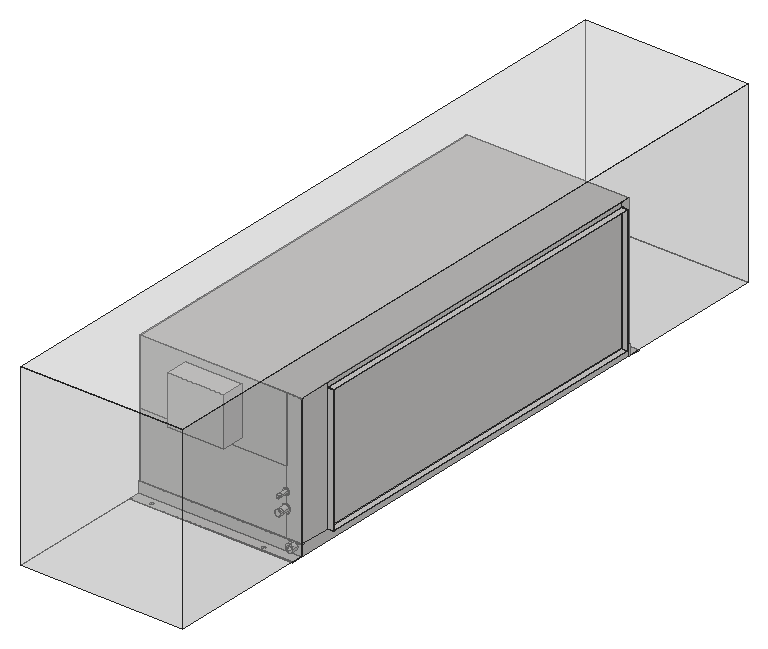
Revit family "outputfile", category 機械設備, Revit 2024
Family settings
  丸型コネクタ寸法 = 半径を使用
  パーツ タイプ = 標準
  OmniClass 番号 = 23.75.10.24.21.27.27
  OmniClass タイトル = Split System Air Conditioning Units
  作業面ベース = いいえ
  常に垂直 = はい
  ロード時にボイドで切り取り = いいえ
  注釈の向きを維持 = いいえ
  共有 = いいえ
  部屋計算ポイント = はい
Parameters (values of type "FDR450QY14")
  Description = ""
  書き出し IFC クラス(タイプ) = "IfcUnitaryEquipmentType"
  定義済み IFC タイプ(タイプ) = "AIRCONDITIONINGUNIT"
  Cost = 0
  Type Comments = ""
  Keynote = ""
  Type Image = (empty or 0)
  Assembly Code = ""
  angle_Drain Pipe [instance] = if(Rear Connection_drainpipe, -90.00°, 90.00°)  # 90.00°
  製造元 = "Daikin"
  モデル = "FDR450QY14"
  w2 = if(Depth = 2195.0 mm, 0.0 mm, if(Depth = 1980.0 mm, 0.0 mm, 352.0 mm))  # 0.0 mm
  w1 = if(Depth = 2195.0 mm, 0.0 mm, if(Depth = 1980.0 mm, 1.0 mm, 20.0 mm))  # 0.0 mm
  switch_frequency = yes
  r_Liquid Pipe Size = Liquid Pipe Size / 2  # 7.95 mm
  r_Gas Pipe Size = Gas Pipe Size / 2  # 14.3 mm
  r_Drain Pipe Size = Drain Pipe Size / 2  # 12.7 mm
  r_D = if(Depth = 2195.0 mm, 41.5 mm, if(Depth = 1980.0 mm, 41.5 mm, 34.5 mm))  # 41.5 mm
  lw_power = if(Depth = 2195.0 mm, Width / 2 - 249.0 mm, if(Depth = 1980.0 mm, Width / 2 - 128.0 mm, Width / 2 - 138.0 mm))  # 186.0 mm
  lw_mountinghole = if(Depth = 2195.0 mm, 100.0 mm, if(Depth = 1980.0 mm, 100.0 mm, if(Depth = 1330.0 mm, 59.0 mm, 59.0 mm)))  # 100.0 mm
  lh_SA = if(Depth = 2195.0 mm, 263.0 mm + SA Duct Size Height / 2, if(Depth = 1980.0 mm, 257.0 mm + SA Duct Size Height / 2, 156.0 mm + SA Duct Size Height / 2))  # 436.5 mm
  ld_SA = if(Depth = 2195.0 mm, 570.0 mm + SA Duct Size Width / 2, if(Depth = 1980.0 mm, 479.0 mm + SA Duct Size Width / 2, 128.0 mm + SA Duct Size Width / 2))  # 1092.5 mm
  ld_RA = if(Depth = 2195.0 mm, 171.0 mm + RA Duct Size Width / 2, if(Depth = 1980.0 mm, 169.0 mm + RA Duct Size Width / 2, 128.0 mm + RA Duct Size Width / 2))  # 1158.0 mm
  lh_power = if(Depth = 2195.0 mm, 490.0 mm, if(Depth = 1980.0 mm, 300.0 mm, 200.0 mm))  # 490.0 mm
  lh_RA = if(Depth = 2195.0 mm, 60.0 mm + RA Duct Size Height / 2, if(Depth = 1980.0 mm, 61.0 mm + RA Duct Size Height / 2, 156.0 mm + RA Duct Size Height / 2))  # 399.5 mm
  ld_power = if(Depth = 2195.0 mm, 75.8 mm, if(Depth = 1980.0 mm, 70.0 mm, 76.6 mm))  # 75.8 mm
  l_SA = if(Depth = 2195.0 mm, 36.0 mm, if(Depth = 1980.0 mm, 35.0 mm, 39.0 mm))  # 36.0 mm
  l_RA = if(Depth = 2195.0 mm, 36.0 mm, if(Depth = 1980.0 mm, 35.0 mm, 39.0 mm))  # 36.0 mm
  d = if(Depth = 1330.0 mm, 20.0 mm, 0.0 mm)  # 0.0 mm
  connector_voltage = Voltage_50Hz  # 400 V
  connector_powerinput = [Power Input (Cooling)]  # 21.220 kW
  connector_phase = Phase_50Hz  # 3
  Voltage_comment_50Hz = "380 - 415"
  Voltage_50Hz = 400 V
  URL = ""
  Supply Air Direction [instance] = yes
  Sound Power Level_H speed (dB) = 0
  Rear Connection_drainpipe [instance] = not(Front Connection_drainpipe)  # no
  Phase_50Hz = 3
  Minimum External Static Pressure = 0.00 Pa
  Minimum Circuit Amps_50Hz = 6.1 A
  Maximum Fuse Amps_50Hz = 16.0 A
  Maximum External Static Pressure = 150.00 Pa
  Material_Casing = DAIKIN_GalvanizedSteel_Casing_indoorunit
  lw_mountinghole_pitch = if(Depth = 2195.0 mm, 600.0 mm, if(Depth = 1980.0 mm, 600.0 mm, if(Depth = 1330.0 mm, 732.0 mm, 732.0 mm)))  # 600.0 mm
  lh_gaspipe = if(Depth = 2195.0 mm, 205.0 mm, if(Depth = 1980.0 mm, 205.0 mm, 187.0 mm))  # 205.0 mm
  lh_mountinghole = if(Depth = 2195.0 mm, 0.0 mm, if(Depth = 1980.0 mm, 0.0 mm, if(Depth = 1330.0 mm, 495.0 mm, 495.0 mm)))  # 0.0 mm
  lh_liquidpipe = if(Depth = 2195.0 mm, 285.0 mm, if(Depth = 1980.0 mm, 285.0 mm, 187.0 mm))  # 285.0 mm
  lh_drainpipe = if(Depth = 2195.0 mm, 38.0 mm, if(Depth = 1980.0 mm, 38.0 mm, 32.0 mm))  # 38.0 mm
  l_antena = Height - lh_mountinghole + 1.0 mm  # 761.0 mm
  ld_drainpipe = if(Depth = 2195.0 mm, Depth / 2 + 29.0 mm, if(Depth = 1980.0 mm, Depth / 2 + 29.0 mm, Depth / 2 + 9.0 mm))  # 1126.5 mm
  ld_liquidpipe = if(Depth = 2195.0 mm, Depth / 2 + 55.0 mm, if(Depth = 1980.0 mm, Depth / 2 + 55.0 mm, Depth / 2 + 60.0 mm))  # 1152.5 mm
  ld_gaspipe = if(Depth = 2195.0 mm, Depth / 2 + 55.0 mm, if(Depth = 1980.0 mm, Depth / 2 + 55.0 mm, Depth / 2 + 58.0 mm))  # 1152.5 mm
  ld_mountinghole_pitch = if(Depth = 2195.0 mm, 2280.0 mm, if(Depth = 1980.0 mm, 2070.0 mm, 1386.0 mm))  # 2280.0 mm
  h*** = 0.0 mm  # constant formula
  lw_liquidpipe = if(Depth = 2195.0 mm, 83.0 mm, if(Depth = 1980.0 mm, 87.0 mm, 126.0 mm))  # 83.0 mm
  lw_gaspipe = if(Depth = 2195.0 mm, 83.0 mm, if(Depth = 1980.0 mm, 87.0 mm, 47.0 mm))  # 83.0 mm
  lw_drainpipe = if(Depth = 2195.0 mm, 43.0 mm, if(Depth = 1980.0 mm, 45.0 mm, 46.0 mm))  # 43.0 mm
  Width = 870.0 mm
  Version = "ver.1.0"
  Unit Type = "Duct"
  Unit Mass Weight = 204.00 kg
  Unit Designation [instance] = ""
  Uniclass2015Version = "Products v1.30"
  Uniclass2015Title = "Split coil room air conditioning units"
  Uniclass2015Code = "Pr_70_65_03_86"
  Total Cooling Capacity [instance] = 0.000 kW
  Sound Pressure Level_M speed (dBA) = 0
  Sound Pressure Level_L speed (dBA) = 0
  Sound Pressure Level_H speed (dBA) = 60
  Series = "Package Aircon_Fan Coil Unit"
  Sensible Cooling Capacity [instance] = 0.000 kW
  SA Duct Size Width = 1045.0 mm
  SA Duct Size Height = 347.0 mm
  Refrigerant Type = "R410A"
  RA Duct Size Width = 1974.0 mm
  RA Duct Size Height = 679.0 mm
  Power Input (Cooling) = 21.220 kW
  Option Accessory 3 [instance] = ""
  Option Accessory 2 [instance] = ""
  Option Accessory 1 [instance] = ""
  Nominal Cooling Capacity = 52.000 kW
  Minimum Airflow = 0.00 m³/h
  Median Airflow = 0.00 m³/h
  Maximum Airflow = 9960.00 m³/h
  Load Classification = HVAC
  Liquid Pipe Size = 15.9 mm
  Link_Nested Family [instance] = ""
  Front Connection_drainpipe [instance] = yes
  IfcVersion = ""
  IfcExportType = "AIRCONDITIONINGUNIT"
  IfcExportAs = "IfcUnitaryEquipmentType"
  Height = 760.0 mm
  Heat Exchanger Type = "Cross Fin Coil"
  Gas Pipe Size = 28.6 mm
  Frequency_50Hz = 50 Hz
  Fan Type = "Sirocco Fan"
  Fan Drive = "-"
  FCU Tag No. [instance] = ""
  Drain Pipe Size = 25.4 mm
  Design Supply Airflow [instance] = 0.00 m³/h
  Design Return Airflow [instance] = 0.00 m³/h
  Design External Static Pressure [instance] = 0.00 Pa
  Depth = 2195.0 mm
  既定の高さ = 0.0 mm
  Cooling Entering Wet Bulb Temperature [instance] = 0.00 °C
  Cooling Entering Dry Bulb Temperature [instance] = 0.00 °C
  Cooling Ambient Wet Bulb Temperature [instance] = 0.00 °C
  Cooling Ambient Dry Bulb Temperature [instance] = 0.00 °C
  Clearance visibility [instance] = yes
  Clearance Top = 200.0 mm
  Clearance Right = 0.0 mm
  Clearance Rear = 800.0 mm
  Clearance Left = 0.0 mm
  Clearance Front = 800.0 mm
  Clearance Bottom = 0.0 mm
  A = if(Depth = 2195.0 mm, 60.0 mm, if(Depth = 1980.0 mm, 61.0 mm, 63.0 mm))  # 60.0 mm
  300-500 = not([200/250])  # yes
  200/250 = Depth = 1330.0 mm  # no
Reference planes
  plane 1 "Center (Front/Back)": y = 0
  plane 2 "h": z = 0
  plane 3 "Center (Left/Right)": x = 0
  plane 4 "Back": y = 1097.5
  plane 5 "Front": y = -1097.5
  plane 6 "Left": x = -435
  plane 7 "Right": x = 435
  plane 8 "Top": z = 0
  plane 9 "Bottom": z = -760
  plane 10: y = 1897.5
  plane 11: y = -1897.5
  plane 12: x = -435
  plane 13: x = 435
  plane 14: z = 200
  plane 15: z = -760
  plane 16 "ld_RA": y = 60.5
  plane 17 "lh_RA": z = -360.5
  plane 18 "ld_gaspipe": y = -1152.5
  plane 19 "ld_drainpipe": y = -1126.5
  plane 20 "lw_drainpipe": x = 392
  plane 21 "lw_liquidpipe": x = 352
  plane 22 "lw_gaspipe": x = 352
  plane 23 "lw_mountinghole": x = -335
  plane 24 "lw_mountinghole1": x = 265
  plane 25 "ld_mountinghole": y = -1140
  plane 26 "ld_mountinghole1": y = 1140
  plane 27 "lh_mountinghole": z = -760
  plane 28 "lh_SA": z = -323.5
  plane 29 "ld_liquidpipe": y = -1152.5
  plane 30 "ld_power": y = -1173.3
  plane 31 "ld_drainpipe1": y = 1126.5
  plane 32 "ld_SA": y = -5
  plane 33 "A": z = -700
  plane 34: y = 1097.5
  plane 35: y = -1097.5
  plane 36: x = -435
  plane 37: x = 435
  plane 38: z = -722
  plane 39: z = -722
Forms (mm)
  Extrusion 1, solid, material "DAIKIN_GalvanizedSteel_Casing_indoorunit" <- "Material_Casing"
    sketch origin (0, 0, -760) x (-1, 0, 0) y (0, -1, 0)
      loop
        line (434, -1097.5) -> (434, 1097.5) -> (-435, 1097.5) -> (-435, -1097.5) -> (434, -1097.5)
    from 760 to 60
  Extrusion 2, solid, material "DAIKIN_GalvanizedSteel_Casing_indoorunit" <- "Material_Casing"
    sketch origin (0, 0, -760) x (-1, 0, 0) y (0, -1, 0)
      loop
        line (435, -1097.5) -> (435, 1097.5) -> (-435, 1097.5) -> (-435, -1097.5) -> (435, -1097.5)
    from 0 to 60
  Extrusion 3, solid, material "DAIKIN_GalvanizedSteel_Casing_indoorunit" <- "Material_Casing", visible <- "200/250"
    sketch origin (0, 0, 0) x (1, 0, 0) y (0, 0, 1)
      loop
        line (94.8, -700) -> (94.8, -760) -> (429.6, -760) -> (429.6, -700) -> (94.8, -700)
    from -1097.5 to 1097.5
  Extrusion 4, solid, material "DAIKIN_GalvanizedSteel_Casing_indoorunit" <- "Material_Casing", visible <- "Front Connection_drainpipe"
    sketch origin (435, -1097.5, -760) x (-1, 0, 0) y (0, 0, -1)
      loop
        circle (43, -38) r 20.75
      loop
        circle (43, -38) r 12.7
    from 0 to 29
  Extrusion 5, solid, material "DAIKIN_GalvanizedSteel_Casing_indoorunit" <- "Material_Casing", visible <- "Rear Connection_drainpipe"
    sketch origin (-435, 1097.5, -760) x (1, 0, 0) y (0, 0, -1)
      loop
        circle (827, -38) r 20.75
      loop
        circle (827, -38) r 12.7
    from 0 to 29
Dimensions and locks
  "Height": plane 8 "Top" to plane 9 "Bottom"
  equal spacing: plane 4 "Back", plane 1 "Center (Front/Back)", plane 5 "Front"
  "Depth": plane 4 "Back" to plane 5 "Front"
  equal spacing: plane 6 "Left", plane 3 "Center (Left/Right)", plane 7 "Right"
  "Width": plane 6 "Left" to plane 7 "Right"
  "Clearance Left": plane 12 to plane 6 "Left"
  "Clearance Right": plane 7 "Right" to plane 13
  "Clearance Rear": plane 10 to plane 4 "Back"
  "Clearance Front": plane 5 "Front" to plane 11
  "Clearance Top": plane 14 to plane 8 "Top"
  "Clearance Bottom": plane 9 "Bottom" to plane 15
  "ld_RA": plane 16 "ld_RA" to plane 5 "Front"
  "lh_RA": plane 17 "lh_RA" to plane 9 "Bottom"
  "lw_drainpipe": plane 20 "lw_drainpipe" to plane 7 "Right"
  "lw_liquidpipe": plane 21 "lw_liquidpipe" to plane 7 "Right"
  "lw_gaspipe": plane 22 "lw_gaspipe" to plane 7 "Right"
  "lw_mountinghole_pitch": plane 23 "lw_mountinghole" to plane 24 "lw_mountinghole1"
  equal spacing: plane 25 "ld_mountinghole", plane 1 "Center (Front/Back)", plane 26 "ld_mountinghole1"
  "ld_mountinghole_pitch": plane 26 "ld_mountinghole1" to plane 25 "ld_mountinghole"
  "lh_mountinghole": plane 27 "lh_mountinghole" to plane 9 "Bottom"
  "lh_SA": plane 28 "lh_SA" to plane 9 "Bottom"
  "h***": plane 8 "Top" to plane 2 "h"
  "lw_mountinghole": plane 6 "Left" to plane 23 "lw_mountinghole"
  "ld_drainpipe": plane 31 "ld_drainpipe1" to plane 1 "Center (Front/Back)"
  "ld_drainpipe": plane 1 "Center (Front/Back)" to plane 19 "ld_drainpipe"
  "ld_power": plane 5 "Front" to plane 30 "ld_power"
  "ld_liquidpipe": plane 29 "ld_liquidpipe" to plane 1 "Center (Front/Back)"
  "ld_gaspipe": plane 18 "ld_gaspipe" to plane 1 "Center (Front/Back)"
  "ld_SA": plane 32 "ld_SA" to plane 5 "Front"
  "A": plane 33 "A" to plane 9 "Bottom"
  "w1": plane 6 "Left" to plane 36
  "d": plane 4 "Back" to plane 34
  "d": plane 35 to plane 5 "Front"
  "w2": plane 37 to plane 7 "Right"
  locked: plane 6 "Left" to Extrusion 1 sketch curve at 1
  locked: Extrusion 3 sketch curve to Extrusion 3 sketch curve at 334.8
  locked: Extrusion 3 sketch curve to plane 7 "Right" at 5.4
  "lh_drainpipe": plane 38 to plane 9 "Bottom"
  "lh_drainpipe": plane 39 to plane 9 "Bottom"
  "r_D": diameter of Extrusion 4 sketch curve
  "Drain Pipe Size": diameter of Extrusion 4 sketch curve
  "Drain Pipe Size": diameter of Extrusion 5 sketch curve
  "r_D": diameter of Extrusion 5 sketch curve
  aligned and locked: level to plane 2 "h"
  aligned and locked: nested 4 to plane 11
  aligned and locked: nested 4 to plane 12  (x2)
  aligned and locked: nested 4 to plane 13
  aligned and locked: plane 10 to nested 4
  aligned and locked: plane 14 to nested 4
  aligned and locked: plane 15 to nested 4
  aligned and locked: nested 2 to plane 21 "lw_liquidpipe"
  aligned and locked: nested 1 to plane 22 "lw_gaspipe"
  aligned and locked: nested 1 to plane 18 "ld_gaspipe"
  aligned and locked: plane 23 "lw_mountinghole" to nested 6
  aligned and locked: nested 6 to plane 26 "ld_mountinghole1"
  aligned and locked: plane 24 "lw_mountinghole1" to nested 5
  aligned and locked: nested 5 to plane 26 "ld_mountinghole1"
  aligned and locked: plane 24 "lw_mountinghole1" to nested 8
  aligned and locked: plane 25 "ld_mountinghole" to nested 8
  aligned and locked: plane 25 "ld_mountinghole" to nested 7
  aligned and locked: plane 23 "lw_mountinghole" to nested 7
  aligned and locked: nested 2 to plane 29 "ld_liquidpipe"
  aligned and locked: plane 28 "lh_SA" to nested 9
  aligned and locked: nested 3 to plane 3 "Center (Left/Right)"
  aligned and locked: plane 1 "Center (Front/Back)" to nested 3
  aligned and locked: nested 11 to plane 3 "Center (Left/Right)"
  aligned and locked: nested 11 to plane 30 "ld_power"
  aligned and locked: nested 9 to plane 6 "Left"
  aligned and locked: nested 9 to plane 32 "ld_SA"
  aligned and locked: plane 7 "Right" to nested 10
  aligned and locked: plane 16 "ld_RA" to nested 10
  aligned and locked: plane 7 "Right" to nested 12
  aligned and locked: nested 12 to plane 1 "Center (Front/Back)"
  aligned and locked: plane 1 "Center (Front/Back)" to nested 13
  aligned and locked: nested 13 to plane 6 "Left"
  aligned and locked: plane 9 "Bottom" to nested 13
  aligned and locked: Extrusion 1 sketch curve to plane 4 "Back"
  aligned and locked: plane 5 "Front" to Extrusion 1 sketch curve
  aligned and locked: Extrusion 1 sketch curve to plane 7 "Right"
  aligned and locked: Extrusion 1 to plane 8 "Top"
  aligned and locked: Extrusion 1 to plane 33 "A"
  aligned and locked: Extrusion 2 sketch curve to plane 34
  aligned and locked: Extrusion 2 sketch curve to plane 36
  aligned and locked: plane 35 to Extrusion 2 sketch curve
  aligned and locked: Extrusion 2 sketch curve to plane 37
  aligned and locked: plane 33 "A" to Extrusion 2
  aligned and locked: Extrusion 2 to plane 9 "Bottom"
  aligned and locked: plane 25 "ld_mountinghole" to nested 14
  aligned and locked: nested 15 to plane 26 "ld_mountinghole1"
  aligned and locked: plane 23 "lw_mountinghole" to nested 14
  aligned and locked: nested 15 to plane 23 "lw_mountinghole"
  aligned and locked: plane 9 "Bottom" to nested 15
  aligned and locked: nested 14 to plane 9 "Bottom"
  aligned and locked: plane 23 "lw_mountinghole" to nested 16
  aligned and locked: plane 24 "lw_mountinghole1" to nested 17
  aligned and locked: nested 16 to plane 25 "ld_mountinghole"
  aligned and locked: nested 17 to plane 25 "ld_mountinghole"
  aligned and locked: nested 18 to plane 26 "ld_mountinghole1"
  aligned and locked: nested 19 to plane 26 "ld_mountinghole1"
  aligned and locked: nested 19 to plane 24 "lw_mountinghole1"
  aligned and locked: nested 18 to plane 23 "lw_mountinghole"
  aligned and locked: plane 27 "lh_mountinghole" to nested 18
  aligned and locked: plane 27 "lh_mountinghole" to nested 16
  aligned and locked: plane 27 "lh_mountinghole" to nested 19
  aligned and locked: plane 27 "lh_mountinghole" to nested 17
  aligned and locked: plane 8 "Top" to nested 12
  aligned and locked: Extrusion 3 sketch curve to plane 33 "A"
  aligned and locked: plane 9 "Bottom" to Extrusion 3 sketch curve
  aligned and locked: Extrusion 2 to Extrusion 3  (x2)
  aligned and locked: nested 20 to plane 5 "Front"
  aligned and locked: plane 3 "Center (Left/Right)" to nested 20
  aligned and locked: plane 9 "Bottom" to nested 20
  aligned and locked: Extrusion 4 sketch curve to plane 20 "lw_drainpipe"  (x2)
  aligned and locked: plane 38 to Extrusion 4 sketch curve  (x2)
  aligned and locked: Extrusion 4 to plane 19 "ld_drainpipe"
  aligned and locked: Extrusion 5 sketch curve to plane 20 "lw_drainpipe"  (x2)
  aligned and locked: plane 39 to Extrusion 5 sketch curve  (x2)
  aligned and locked: plane 31 "ld_drainpipe1" to Extrusion 5
  aligned and locked: plane 1 "Center (Front/Back)" to nested 21
  aligned and locked: nested 21 to plane 20 "lw_drainpipe"
Nested families
  nested 1: "daikin_connector_rotate2" at (352, 0, -555), length <- "ld_gaspipe", built-in parameter 1001364 <- "lh_gaspipe", radius <- "r_Gas Pipe Size", type "daikin_connector_rotate2"
    with radius 14.3 mm, length 1152.5 mm, angle_vertical 90.00°
  nested 2: "daikin_connector_rotate2" at (352, 0, -475), length <- "ld_liquidpipe", built-in parameter 1001364 <- "lh_liquidpipe", radius <- "r_Liquid Pipe Size", type "daikin_connector_rotate2"
    with radius 7.95 mm, length 1152.5 mm, angle_vertical 90.00°
  nested 3: "daikin_△_symbolicline" at (0, 0, 760) x (0, -1, 0) z (0, 0, 1), built-in parameter 1001364 <- "Height", visible <- "Supply Air Direction", type "daikin_△_symbolicline"
    with length 250.0 mm
  nested 4: "daikin_clearancespace" at (0, 0, -279.881), visible <- "Clearance visibility", show <- "Clearance visibility", Link_Nested Family <- "Link_Nested Family", type "daikin_clearancespace"
    with width 870.0 mm, show yes, height 960.0 mm, depth 3795.0 mm, Link_Nested Family ""
  nested 5: "daikin_mountinghole" at (265, 1140, -760), l_antenna <- "l_antena", Link_Nested Family <- "Link_Nested Family", h_mountinghole <- "lh_mountinghole", type "daikin_mountinghole"
    with show yes, l_antenna 761.0 mm, h_mountinghole 0.0 mm, Link_Nested Family ""
  nested 6: "daikin_mountinghole" at (-335, 1140, -760), l_antenna <- "l_antena", Link_Nested Family <- "Link_Nested Family", h_mountinghole <- "lh_mountinghole", type "daikin_mountinghole"
    with show yes, l_antenna 761.0 mm, h_mountinghole 0.0 mm, Link_Nested Family ""
  nested 7: "daikin_mountinghole" at (-335, -1140, -760), h_mountinghole <- "lh_mountinghole", l_antenna <- "l_antena", Link_Nested Family <- "Link_Nested Family", type "daikin_mountinghole"
    with show yes, l_antenna 761.0 mm, h_mountinghole 0.0 mm, Link_Nested Family ""
  nested 8: "daikin_mountinghole" at (265, -1140, -760), h_mountinghole <- "lh_mountinghole", l_antenna <- "l_antena", Link_Nested Family <- "Link_Nested Family", type "daikin_mountinghole"
    with show yes, l_antenna 761.0 mm, h_mountinghole 0.0 mm, Link_Nested Family ""
  nested 9: "daikin_connector_rotate2" at (-435, -5, -323.5) x (0, -1, 0) z (0, 0, 1), built-in parameter 1001364 <- "lh_SA", length <- "l_SA", type "daikin_connector_rotate2"
    with radius 10.0 mm, length 36.0 mm, angle_vertical 90.00°
  nested 10: "daikin_connector_rotate2" at (435, 60.5, -360.5) x (0, 1, 0) z (0, 0, 1), built-in parameter 1001364 <- "lh_RA", length <- "l_RA", type "daikin_connector_rotate2"
    with radius 10.0 mm, length 36.0 mm, angle_vertical 90.00°
  nested 11: "daikin_connector_rotate2" at (0, -1173.3, -270) x (0, -1, 0) z (0, 0, 1), length <- "lw_power", built-in parameter 1001364 <- "lh_power", type "daikin_connector_rotate2"
    with radius 10.0 mm, length 186.0 mm, angle_vertical 90.00°
  nested 12: "daikin_RA ductflange_FDR-QY14" at (435, 0, -760) x (0, 1, 0) z (0, 0, 1), type "daikin_RA ductflange_FDR-QY14"
  nested 13: "daikin_SA ductflange_FDR-QY14" at (-435, 0, -760) x (0, -1, 0) z (0, 0, 1), type "daikin_SA ductflange_FDR-QY14"
    with lh_SA 263.0 mm, ld_SA 570.0 mm, l_SA 36.0 mm, a 60.0 mm, SA Duct Size Width 1045.0 mm, SA Duct Size Height 347.0 mm, Depth 2195.0 mm, Height 760.0 mm, t 1.0 mm, 450/500 yes, 200/250以外 yes, 200/250 no
  nested 14: "daikin_anchor boltsfixture_FDR-QY14" at (-335, -1140, -760), visible <- "300-500", type "daikin_anchor boltsfixture_FDR-QY14"
  nested 15: "daikin_anchor boltsfixture_FDR-QY14" at (-335, 1140, -760), visible <- "300-500", type "daikin_anchor boltsfixture_FDR-QY14"
  nested 16: "daikin_hangerfixture_FDR-QY14" at (-335, -1140, -760) x (0, 1, 0) z (0, 0, 1), visible <- "200/250", type "daikin_hangerfixture_FDR-QY14"
  nested 17: "daikin_hangerfixture_FDR-QY14" at (265, -1140, -760) x (0, 1, 0) z (0, 0, 1), visible <- "200/250", type "daikin_hangerfixture_FDR-QY14"
  nested 18: "daikin_hangerfixture_FDR-QY14" at (-335, 1140, -760) x (0, -1, 0) z (0, 0, 1), visible <- "200/250", type "daikin_hangerfixture_FDR-QY14"
  nested 19: "daikin_hangerfixture_FDR-QY14" at (265, 1140, -760) x (0, -1, 0) z (0, 0, 1), visible <- "200/250", type "daikin_hangerfixture_FDR-QY14"
  nested 20: "daikin_rightpanel_FDR-QY14" at (0, -1097.5, -760), material <- "Material_Casing", type "daikin_rightpanel_FDR-QY14"
    with material DAIKIN_GalvanizedSteel_Casing_indoorunit, 外径_gaspipe 31.1 mm, 内径_gaspipe 28.6 mm, width 870.0 mm, switch_unit_450/500 yes, switch_unit_200/250 no, lw_liquidpipe 83.0 mm, lw_gaspipe 83.0 mm, lw_control box 249.0 mm, lh_liquidpipe 285.0 mm, lh_gaspipe 205.0 mm, lh_control box 458.0 mm, ld_liquidpipe 55.0 mm, 外径_liquidpipe 17.8 mm, 内径_liquidpipe 15.9 mm, ld_gaspipe 55.0 mm, height 760.0 mm, depth 2195.0 mm
  nested 21: "daikin_connector_rotate2" at (392, 0, -722), built-in parameter 1001364 <- "lh_drainpipe", length <- "ld_drainpipe", radius <- "r_Drain Pipe Size", angle_vertical <- "angle_Drain Pipe", type "daikin_connector_rotate2"
    with radius 12.7 mm, length 1126.5 mm, angle_vertical 90.00°
Connectors
  piping at (352, -1152.5, -555), diameter 28.6, driven by "r_Gas Pipe Size"
    settings: on nested 1, index 4, connector inside diameter 609.6 mm, connector length 0.0 mm, flow factor 0, pipe flow 0.00 m³/h, pressure drop 0.0 Pa, fitting loss kfactor 0, connector angle 0.00°, fixture units 0, engagement length 0.0 mm, angle of deflection 0.00°, flow configuration 1, flow direction 2, fitting loss method 0, system type 29, joint type 0, gender type 0, connector reference index -1, connector utility 0, adjustable connector no, is connector primary yes, connector description "Refrigerant Gas Piping"
  piping at (352, -1152.5, -475), diameter 15.9, driven by "r_Liquid Pipe Size"
    settings: on nested 2, index 5, connector inside diameter 609.6 mm, connector length 0.0 mm, flow factor 0, pipe flow 0.00 m³/h, pressure drop 0.0 Pa, fitting loss kfactor 0, connector angle 0.00°, fixture units 0, engagement length 0.0 mm, angle of deflection 0.00°, flow configuration 1, flow direction 1, fitting loss method 0, system type 29, joint type 0, gender type 0, connector reference index -1, connector utility 0, adjustable connector no, is connector primary no, connector description "Refrigerant Liquid Piping"
  hvac at (-471, -5, -323.5), driven by "SA Duct Size Height", driven by "SA Duct Size Width"
    settings: on nested 9, index 7, duct flow 0.00 m³/h, flow factor 0, pres drop 0.00 Pa, loss coef 0, conn angle 0.00°, conn width 1045.0 mm, conn height 347.0 mm, conn diameter 609.6 mm, duct sys type 1, conn prof type 1, flow config 0, flow direction 2, loss method 4, conn ref index -1, conn util no, is conn primary yes, conn desc "SA Duct"
  hvac at (471, 60.5, -360.5), driven by "RA Duct Size Height", driven by "RA Duct Size Width"
    settings: on nested 10, index 8, duct flow 0.00 m³/h, flow factor 0, pres drop 0.00 Pa, loss coef 0, conn angle 0.00°, conn width 1974.0 mm, conn height 679.0 mm, conn diameter 609.6 mm, duct sys type 2, conn prof type 1, flow config 0, flow direction 1, loss method 4, conn ref index -1, conn util no, is conn primary no, conn desc "RA Duct"
  electrical at (-186, -1173.3, -270), driven by "connector_phase", driven by "Load Classification", driven by "connector_voltage", driven by "connector_powerinput"
    settings: on nested 11, index 9, voltage 400 V, apparent load 21220 VA, apparent load phase1 0 VA, apparent load phase2 0 VA, apparent load phase3 0 VA, power factor 1, load classification "HVAC", number of poles 3, system type 30, power factor state 1, is connector primary yes, connector utility no, sub classification motor no, connector description "Power Supply"
  piping at (392, -1126.5, -722), diameter 25.4, driven by "r_Drain Pipe Size"
    settings: on nested 21, index 10, connector inside diameter 609.6 mm, connector length 0.0 mm, flow factor 0, pipe flow 0.00 m³/h, pressure drop 0.0 Pa, fitting loss kfactor 0, connector angle 0.00°, fixture units 0, engagement length 0.0 mm, angle of deflection 0.00°, flow configuration 1, flow direction 2, fitting loss method 4, system type 16, joint type 0, gender type 0, connector reference index -1, connector utility 0, adjustable connector no, is connector primary no, connector description "Condensate Drain Piping"
Definition of nested family "daikin_clearancespace"
  Parameters (values of type "daikin_clearancespace")
    Description = "daikin_clearancespace"
    width [instance] = 1823.963 mm
    show [instance] = yes
    material = none
    height [instance] = 1359.762 mm
    depth [instance] = 880.0 mm
    Default Elevation = 0.0 mm
    Link_Nested Family [instance] = ""
  Reference planes
    plane 1 "Center (Front/Back)": y = 0
    plane 2 "Center (Elevation)": z = -0.119
    plane 3 "Center (Left/Right)": x = 0
    plane 4: y = 440
    plane 5: y = -440
    plane 6 "Right": x = 911.982
    plane 7 "Left": x = -911.982
    plane 8 "Top": z = 679.762
    plane 9 "Bottom": z = -680
  Forms (mm)
    Extrusion 1, solid, material <- "material", visible <- "show"
      sketch origin (0, 0, 0) x (1, 0, 0) y (0, 1, 0)
        loop
          line (-911.982, 440) -> (-911.982, -440) -> (911.982, -440) -> (911.982, 440) -> (-911.982, 440)
      from -680 to 679.762
  Lines and regions (mm)
    symbolic lines, visible <- "show"
      curve 1: line (911.982, 440, 0) -> (-911.982, 440, 0)
      curve 2: line (-911.982, 440, 0) -> (-911.982, -440, 0)
      curve 3: line (-911.982, -440, 0) -> (911.982, -440, 0)
      curve 4: line (911.982, -440, 0) -> (911.982, 440, 0)
      curve 5: line (911.982, 0, 679.762) -> (-911.982, 0, 679.762)
      curve 6: line (911.982, 0, -680) -> (911.982, 0, 679.762)
      curve 7: line (-911.982, 0, -680) -> (911.982, 0, -680)
      curve 8: line (-911.982, 0, 679.762) -> (-911.982, 0, -680)
      curve 9: line (0, 440, 679.762) -> (0, -440, 679.762)
      curve 10: line (0, -440, 679.762) -> (0, -440, -680)
      curve 11: line (0, 440, -680) -> (0, 440, 679.762)
      curve 12: line (0, -440, -680) -> (0, 440, -680)
  Dimensions and locks
    "width": plane 7 "Left" to plane 6 "Right"
    "depth": plane 4 to plane 5
    "height": plane 8 "Top" to plane 9 "Bottom"
    equal spacing: plane 7 "Left", plane 3 "Center (Left/Right)", plane 6 "Right"
    equal spacing: plane 4, plane 1 "Center (Front/Back)", plane 5
    equal spacing: plane 8 "Top", plane 2 "Center (Elevation)", plane 9 "Bottom"
    aligned and locked: level to plane 2 "Center (Elevation)"
    aligned and locked: Extrusion 1 sketch curve to plane 4
    aligned and locked: plane 7 "Left" to Extrusion 1 sketch curve
    aligned and locked: Extrusion 1 sketch curve to plane 5
    aligned and locked: Extrusion 1 sketch curve to plane 6 "Right"
    aligned and locked: plane 8 "Top" to Extrusion 1
    aligned and locked: curve 1 to Extrusion 1
    aligned and locked: curve 2 to Extrusion 1
    aligned and locked: curve 3 to Extrusion 1
    aligned and locked: curve 4 to Extrusion 1
    aligned and locked: curve 5 to Extrusion 1
    aligned and locked: curve 6 to Extrusion 1
    aligned and locked: curve 7 to Extrusion 1
    aligned and locked: curve 8 to Extrusion 1
    aligned and locked: curve 9 to Extrusion 1
    aligned and locked: curve 10 to Extrusion 1
    aligned and locked: curve 11 to Extrusion 1
    aligned and locked: curve 12 to Extrusion 1
    aligned and locked: Extrusion 1 to plane 9 "Bottom"
Definition of nested family "daikin_RA ductflange_FDR-QY14"
  Parameters (values of type "daikin_RA ductflange_FDR-QY14")
    lh_RA = if(Depth = 2195.0 mm, 60.0 mm, if(Depth = 1980.0 mm, 61.0 mm, 156.0 mm))  # 60.0 mm
    ld_RA = if(Depth = 2195.0 mm, 171.0 mm, if(Depth = 1980.0 mm, 169.0 mm, 128.0 mm))  # 171.0 mm
    l_RA = if(Depth = 2195.0 mm, 36.0 mm, if(Depth = 1980.0 mm, 35.0 mm, 39.0 mm))  # 36.0 mm
    a = if(Depth = 2195.0 mm, 60.0 mm, if(Depth = 1980.0 mm, 61.0 mm, 63.0 mm))  # 60.0 mm
    RA Duct Size Width = if(Depth = 2195.0 mm, 1974.0 mm, if(Depth = 1980.0 mm, 1764.0 mm, 1074.0 mm))  # 1974.0 mm
    RA Duct Size Height = if(Depth = 2195.0 mm, 679.0 mm, if(Depth = 1980.0 mm, 544.0 mm, 294.0 mm))  # 679.0 mm
    Depth = 2195.0 mm
    material = none
    Height = 760.0 mm
    t = if(Depth = 1330.0 mm, 0.8 mm, 1.0 mm)  # 1.0 mm
    Default Elevation = 0.0 mm
    200/250 = Depth = 1330.0 mm  # no
  Reference planes
    plane 1 "Center (Front/Back)": y = 0
    plane 2: z = 0
    plane 3 "Center (Left/Right)": x = 0
    plane 4: x = -1097.5
    plane 5: x = 1097.5
    plane 6: z = 760
    plane 7: z = 739
    plane 8 "a": z = 60
    plane 9: x = -926.5
    plane 10: x = 1047.5
    plane 11: x = -925.5
    plane 12: x = 1046.5
    plane 13: z = 60
    plane 14: y = -36
    plane 15: y = 1
    plane 16: x = -925.5
    plane 17: x = 1046.5
  Forms (mm)
    Extrusion 1, solid, material <- "material"
      sketch origin (0, 0, 0) x (1, 0, 0) y (0, 0, 1)
        loop
          line (-1097.5, 760) -> (-1097.5, 60) -> (-925.5, 60) -> (-925.5, 760) -> (-1097.5, 760)
      from 0 to -1
    Extrusion 2, solid, material <- "material"
      sketch origin (0, 0, 0) x (1, 0, 0) y (0, 0, 1)
        loop
          line (1097.5, 760) -> (1046.5, 760) -> (1046.5, 60) -> (1097.5, 60) -> (1097.5, 760)
      from 0 to -1
    Extrusion 3, solid, material <- "material"
      sketch origin (0, 0, 0) x (1, 0, 0) y (0, 0, 1)
        loop
          line (-926.5, 739) -> (-926.5, 60) -> (-925.5, 60) -> (-925.5, 739) -> (-926.5, 739)
        loop
          line (1046.5, 739) -> (1046.5, 60) -> (1047.5, 60) -> (1047.5, 739) -> (1046.5, 739)
      from 0 to 36
    Extrusion 4, solid, material <- "material"
      sketch origin (0, 0, 0) x (0, 1, 0) y (0, 0, 1)
        loop
          line (-36, 739) -> (-36, 738) -> (1, 738) -> (1, 760) -> (0, 760) -> (0, 739) -> (-36, 739)
        loop
          line (-36, 61) -> (-36, 60) -> (1, 60) -> (1, 61) -> (-36, 61)
      from -925.5 to 1046.5
    Extrusion 5, solid, material <- "material", visible <- "200/250"
      sketch origin (0, 0, 0) x (0, 1, 0) y (0, 0, 1)
        loop
          line (0, 60) -> (0, -33) -> (1, -33) -> (1, 60) -> (0, 60)
      from -925.5 to 1046.5
  Dimensions and locks
    equal spacing: plane 5, plane 3 "Center (Left/Right)", plane 4
    "Depth": plane 5 to plane 4
    "Height": plane 6 to plane 2
    "ld_RA": plane 9 to plane 4
    "RA Duct Size Width": plane 10 to plane 9
    "a": plane 8 "a" to plane 2
    "t": plane 11 to plane 9
    "t": plane 10 to plane 12
    "lh_RA": plane 13 to plane 2
    "RA Duct Size Height": plane 7 to plane 13
    "t": Extrusion 3 sketch curve to Extrusion 3 sketch curve  (x2)
    "l_RA": plane 14 to plane 1 "Center (Front/Back)"
    "t": plane 15 to plane 1 "Center (Front/Back)"
    "t": Extrusion 4 sketch curve to Extrusion 4 sketch curve  (x2)
    "t": plane 17 to plane 10
    "t": plane 9 to plane 16
    locked: Extrusion 5 sketch curve to Extrusion 5 sketch curve at 93
    aligned and locked: level to plane 2
    aligned and locked: Extrusion 1 sketch curve to plane 6
    aligned and locked: plane 4 to Extrusion 1 sketch curve
    aligned and locked: plane 8 "a" to Extrusion 1 sketch curve
    aligned and locked: Extrusion 1 sketch curve to plane 11
    aligned and locked: Extrusion 1 to plane 1 "Center (Front/Back)"
    aligned and locked: plane 6 to Extrusion 2 sketch curve
    aligned and locked: plane 5 to Extrusion 2 sketch curve
    aligned and locked: Extrusion 2 sketch curve to plane 8 "a"
    aligned and locked: Extrusion 2 sketch curve to plane 12
    aligned and locked: Extrusion 2 to plane 1 "Center (Front/Back)"
    aligned and locked: Extrusion 3 sketch curve to plane 7  (x2)
    aligned and locked: plane 9 to Extrusion 3 sketch curve
    aligned and locked: Extrusion 3 sketch curve to plane 10
    aligned and locked: plane 13 to Extrusion 3 sketch curve  (x2)
    aligned and locked: Extrusion 3 to plane 1 "Center (Front/Back)"
    aligned and locked: Extrusion 3 to plane 14
    aligned and locked: plane 15 to Extrusion 1
    aligned and locked: plane 15 to Extrusion 2
    aligned and locked: Extrusion 4 sketch curve to plane 7
    aligned and locked: Extrusion 4 sketch curve to plane 1 "Center (Front/Back)"
    aligned and locked: Extrusion 4 sketch curve to plane 6
    aligned and locked: Extrusion 4 sketch curve to plane 15  (x2)
    aligned and locked: plane 14 to Extrusion 4 sketch curve  (x2)
    aligned and locked: plane 13 to Extrusion 4 sketch curve
    aligned and locked: Extrusion 4 to plane 16
    aligned and locked: plane 17 to Extrusion 4
    aligned and locked: Extrusion 5 sketch curve to plane 13
    aligned and locked: Extrusion 5 sketch curve to plane 1 "Center (Front/Back)"
    aligned and locked: Extrusion 5 sketch curve to plane 15
    aligned and locked: Extrusion 5 to plane 16
    aligned and locked: plane 17 to Extrusion 5
Definition of nested family "daikin_SA ductflange_FDR-QY14"
  Parameters (values of type "daikin_SA ductflange_FDR-QY14")
    lh_SA = if(Depth = 2195.0 mm, 263.0 mm, if(Depth = 1980.0 mm, 257.0 mm, 156.0 mm))  # 156.0 mm
    ld_SA = if(Depth = 2195.0 mm, 570.0 mm, if(Depth = 1980.0 mm, 479.0 mm, 128.0 mm))  # 128.0 mm
    l_SA = if(Depth = 2195.0 mm, 36.0 mm, if(Depth = 1980.0 mm, 35.0 mm, 39.0 mm))  # 39.0 mm
    a = if(Depth = 2195.0 mm, 60.0 mm, if(Depth = 1980.0 mm, 61.0 mm, 63.0 mm))  # 63.0 mm
    SA Duct Size Width = if(Depth = 2195.0 mm, 1045.0 mm, if(Depth = 1980.0 mm, 1045.0 mm, 1074.0 mm))  # 1074.0 mm
    SA Duct Size Height = if(Depth = 2195.0 mm, 347.0 mm, if(Depth = 1980.0 mm, 349.0 mm, 294.0 mm))  # 294.0 mm
    Depth = 1330.0 mm
    material = none
    Height = 500.0 mm
    t = if(Depth = 1330.0 mm, 0.8 mm, 1.0 mm)  # 0.8 mm
    Default Elevation = 0.0 mm
    450/500 = Depth = 2195.0 mm  # no
    300/400 = Depth = 1980.0 mm  # no
    200/250以外 = not(Depth = 1330.0 mm)  # no
    200/250 = or(Depth = 1330.0 mm, and(not(Depth = 1980.0 mm), not(Depth = 2195.0 mm)))  # yes
  Reference planes
    plane 1 "Center (Front/Back)": y = 0
    plane 2: z = 0
    plane 3 "Center (Left/Right)": x = 0
    plane 4: x = -665
    plane 5: x = 665
    plane 6: z = 500
    plane 7: z = 450
    plane 8 "a": z = 63
    plane 9: x = -537
    plane 10: x = 537
    plane 11: z = 156
    plane 12: y = -39
    plane 13: y = 0.8
    plane 14: x = -536.2
    plane 15: x = 536.2
  Forms (mm)
    Extrusion 1, solid, material <- "material"
      sketch origin (0, 0, 0) x (1, 0, 0) y (0, 0, 1)
        loop
          line (-537, 450) -> (-537, 156) -> (-536.2, 156) -> (-536.2, 450) -> (-537, 450)
        loop
          line (536.2, 450) -> (536.2, 156) -> (537, 156) -> (537, 450) -> (536.2, 450)
      from 0 to 39
    Extrusion 2, solid, material <- "material"
      sketch origin (0, 0, 0) x (0, 1, 0) y (0, 0, 1)
        loop
          line (-39, 450) -> (-39, 449.2) -> (0.8, 449.2) -> (0.8, 450) -> (-39, 450)
        loop
          line (-39, 156.8) -> (-39, 156) -> (0.8, 156) -> (0.8, 156.8) -> (-39, 156.8)
      from -536.2 to 536.2
    Extrusion 3, solid, material <- "material", visible <- "200/250以外"
      sketch origin (0, 0, 0) x (1, 0, 0) y (0, 0, 1)
        loop
          line (-557, 450) -> (-557, 156) -> (-537, 156) -> (-537, 450) -> (-557, 450)
        loop
          line (537, 450) -> (537, 156) -> (557, 156) -> (557, 450) -> (537, 450)
      from 0 to -0.8
    Extrusion 4, solid, material <- "material", visible <- "200/250以外"
      sketch origin (0, 0, 0) x (1, 0, 0) y (0, 0, 1)
        loop
          line (-537, 470) -> (-537, 450) -> (537, 450) -> (537, 470) -> (-537, 470)
        loop
          line (-537, 156) -> (-537, 136) -> (537, 136) -> (537, 156) -> (-537, 156)
      from 0 to -0.8
    Extrusion 5, solid, material <- "material", visible <- "200/250"
      sketch origin (0, 0, 0) x (1, 0, 0) y (0, 0, 1)
        loop
          line (-665, 500) -> (-665, 63) -> (-537, 63) -> (-537, 500) -> (-665, 500)
        loop
          line (665, 500) -> (537, 500) -> (537, 63) -> (665, 63) -> (665, 500)
      from 0 to -0.8
    Extrusion 6, solid, material <- "material", visible <- "200/250"
      sketch origin (0, 0, 0) x (1, 0, 0) y (0, 0, 1)
        loop
          line (-537, 500) -> (-537, 450) -> (537, 450) -> (537, 500) -> (-537, 500)
        loop
          line (-537, 156) -> (-537, 63) -> (537, 63) -> (537, 156) -> (-537, 156)
      from 0 to -0.8
    Extrusion 7, solid, material <- "material", visible <- "450/500"
      sketch origin (0, 0, 0) x (1, 0, 0) y (0, 0, 1)
        loop
          line (-707, 450) -> (-707, 63) -> (-557, 63) -> (-557, 450) -> (-707, 450)
        loop
          line (557, 450) -> (557, 63) -> (706, 63) -> (706, 450) -> (557, 450)
      from 0 to -0.8
    Extrusion 8, solid, material <- "material", visible <- "450/500"
      sketch origin (0, 0, 0) x (1, 0, 0) y (0, 0, 1)
        loop
          line (-557, 136) -> (-557, 63) -> (557, 63) -> (557, 136) -> (-557, 136)
        loop
          line (-708, 600) -> (-708, 450) -> (708, 450) -> (708, 600) -> (-708, 600)
      from 0 to -0.8
    Extrusion 9, solid, material <- "material", visible <- "450/500"
      sketch origin (0, 0, 0) x (1, 0, 0) y (0, 0, 1)
        loop
          line (-665, 500) -> (-708, 500) -> (-708, 63) -> (-665, 63) -> (-665, 500)
        loop
          line (708, 500) -> (665, 500) -> (665, 63) -> (708, 63) -> (708, 500)
      from 0 to -0.8
    Extrusion 10, solid, material <- "material", visible <- "300/400"
      sketch origin (0, 0, 0) x (1, 0, 0) y (0, 0, 1)
        loop
          line (-707, 500) -> (-707, 63) -> (-557, 63) -> (-557, 500) -> (-707, 500)
        loop
          line (557, 500) -> (557, 63) -> (706, 63) -> (706, 500) -> (557, 500)
      from 0 to -0.8
    Extrusion 11, solid, material <- "material", visible <- "300/400"
      sketch origin (0, 0, 0) x (1, 0, 0) y (0, 0, 1)
        loop
          line (-557, 239) -> (-557, 63) -> (557, 63) -> (557, 239) -> (-557, 239)
      from 0 to -0.8
    Extrusion 12, solid, material <- "material", visible <- "300/400"
      sketch origin (0, 0, 0) x (1, 0, 0) y (0, 0, 1)
        loop
          line (-993, 500) -> (-993, 0) -> (1016, 0) -> (1016, 500) -> (706, 500) -> (706, 63) -> (-707, 63) -> (-707, 500) -> (-993, 500)
      from 0 to -0.8
  Dimensions and locks
    equal spacing: plane 5, plane 3 "Center (Left/Right)", plane 4
    "Depth": plane 5 to plane 4
    "Height": plane 6 to plane 2
    "SA Duct Size Width": plane 10 to plane 9
    "a": plane 8 "a" to plane 2
    "lh_SA": plane 11 to plane 2
    "SA Duct Size Height": plane 7 to plane 11
    "t": Extrusion 1 sketch curve to Extrusion 1 sketch curve  (x2)
    "l_SA": plane 12 to plane 1 "Center (Front/Back)"
    "t": plane 13 to plane 1 "Center (Front/Back)"
    "t": Extrusion 2 sketch curve to Extrusion 2 sketch curve  (x2)
    "t": plane 15 to plane 10
    "t": plane 9 to plane 14
    locked: Extrusion 3 sketch curve to Extrusion 3 sketch curve at 20  (x2)
    locked: Extrusion 4 sketch curve to Extrusion 4 sketch curve at 20  (x2)
    Extrusion 5 sketch curve to Extrusion 5 sketch curve to Extrusion 5 sketch curve = 1074.0 mm, 128.0 mm
    locked: Extrusion 6 sketch curve to Extrusion 6 sketch curve at 50
    locked: Extrusion 6 sketch curve to Extrusion 6 sketch curve at 93
    locked: Extrusion 7 sketch curve to Extrusion 7 sketch curve at 150
    locked: Extrusion 7 sketch curve to Extrusion 7 sketch curve at 149
    locked: plane 9 to Extrusion 7 sketch curve at 20
    locked: Extrusion 7 sketch curve to plane 10 at 20
    locked: plane 9 to Extrusion 8 sketch curve at 20
    locked: plane 10 to Extrusion 8 sketch curve at 20
    locked: plane 11 to Extrusion 8 sketch curve at 20
    locked: Extrusion 8 sketch curve to Extrusion 8 sketch curve at 150
    locked: plane 9 to Extrusion 8 sketch curve at 171
    locked: plane 10 to Extrusion 8 sketch curve at 171
    locked: plane 9 to Extrusion 10 sketch curve at 20
    locked: Extrusion 10 sketch curve to plane 10 at 20
    locked: Extrusion 10 sketch curve to Extrusion 10 sketch curve at 150
    locked: Extrusion 10 sketch curve to Extrusion 10 sketch curve at 149
    locked: Extrusion 11 sketch curve to Extrusion 11 sketch curve at 176
    Extrusion 12 sketch curve to Extrusion 12 sketch curve = 286.0 mm
    Extrusion 12 sketch curve to Extrusion 12 sketch curve = 310.0 mm
    "ld_SA": plane 5 to plane 10
    aligned and locked: level to plane 2
    aligned and locked: Extrusion 1 sketch curve to plane 7  (x2)
    aligned and locked: plane 9 to Extrusion 1 sketch curve
    aligned and locked: Extrusion 1 sketch curve to plane 10
    aligned and locked: plane 11 to Extrusion 1 sketch curve  (x2)
    aligned and locked: Extrusion 1 to plane 1 "Center (Front/Back)"
    aligned and locked: Extrusion 1 to plane 12
    aligned and locked: Extrusion 2 sketch curve to plane 7
    aligned and locked: Extrusion 2 sketch curve to plane 13  (x2)
    aligned and locked: plane 12 to Extrusion 2 sketch curve  (x2)
    aligned and locked: plane 11 to Extrusion 2 sketch curve
    aligned and locked: Extrusion 2 to plane 14
    aligned and locked: plane 15 to Extrusion 2
    aligned and locked: Extrusion 3 sketch curve to plane 9
    aligned and locked: Extrusion 3 sketch curve to plane 7  (x2)
    aligned and locked: plane 11 to Extrusion 3 sketch curve
    aligned and locked: Extrusion 3 to plane 1 "Center (Front/Back)"
    aligned and locked: plane 13 to Extrusion 3
    aligned and locked: plane 9 to Extrusion 4 sketch curve
    aligned and locked: Extrusion 4 sketch curve to Extrusion 4 sketch curve  (x2)
    aligned and locked: Extrusion 4 sketch curve to plane 10
    aligned and locked: plane 7 to Extrusion 4 sketch curve
    aligned and locked: Extrusion 4 sketch curve to plane 11
    aligned and locked: Extrusion 4 to plane 1 "Center (Front/Back)"
    aligned and locked: plane 13 to Extrusion 4
    aligned and locked: Extrusion 5 sketch curve to plane 6
    aligned and locked: plane 4 to Extrusion 5 sketch curve
    aligned and locked: plane 8 "a" to Extrusion 5 sketch curve
    aligned and locked: Extrusion 5 sketch curve to plane 8 "a"
    aligned and locked: Extrusion 5 sketch curve to plane 10
    aligned and locked: Extrusion 5 to plane 1 "Center (Front/Back)"
    aligned and locked: plane 13 to Extrusion 5
    aligned and locked: plane 9 to Extrusion 6 sketch curve
    aligned and locked: Extrusion 6 sketch curve to Extrusion 6 sketch curve  (x2)
    aligned and locked: Extrusion 6 sketch curve to plane 10
    aligned and locked: plane 7 to Extrusion 6 sketch curve
    aligned and locked: Extrusion 6 sketch curve to plane 11
    aligned and locked: Extrusion 6 to plane 1 "Center (Front/Back)"
    aligned and locked: plane 13 to Extrusion 6
    aligned and locked: Extrusion 7 sketch curve to Extrusion 7 sketch curve  (x2)
    aligned and locked: Extrusion 7 sketch curve to plane 7
    aligned and locked: plane 8 "a" to Extrusion 7 sketch curve
    aligned and locked: Extrusion 7 to plane 1 "Center (Front/Back)"
    aligned and locked: plane 13 to Extrusion 7
    aligned and locked: plane 8 "a" to Extrusion 8 sketch curve
    aligned and locked: plane 7 to Extrusion 8 sketch curve
    aligned and locked: Extrusion 8 to plane 1 "Center (Front/Back)"
    aligned and locked: plane 13 to Extrusion 8
    aligned and locked: Extrusion 9 sketch curve to Extrusion 9 sketch curve  (x2)
    aligned and locked: plane 4 to Extrusion 9 sketch curve
    aligned and locked: Extrusion 9 sketch curve to plane 5
    aligned and locked: Extrusion 9 sketch curve to plane 6
    aligned and locked: plane 8 "a" to Extrusion 9 sketch curve
    aligned and locked: Extrusion 9 to plane 1 "Center (Front/Back)"
    aligned and locked: plane 13 to Extrusion 9
    aligned and locked: Extrusion 10 sketch curve to Extrusion 10 sketch curve  (x2)
    aligned and locked: Extrusion 10 sketch curve to plane 6
    aligned and locked: plane 8 "a" to Extrusion 10 sketch curve
    aligned and locked: Extrusion 10 to plane 1 "Center (Front/Back)"
    aligned and locked: plane 13 to Extrusion 10
    aligned and locked: plane 8 "a" to Extrusion 11 sketch curve
    aligned and locked: Extrusion 11 sketch curve to Extrusion 10
    aligned and locked: Extrusion 10 to Extrusion 11 sketch curve
    aligned and locked: Extrusion 11 to plane 1 "Center (Front/Back)"
    aligned and locked: plane 13 to Extrusion 11
    aligned and locked: plane 6 to Extrusion 12 sketch curve
    aligned and locked: Extrusion 12 sketch curve to plane 2
    aligned and locked: Extrusion 12 sketch curve to Extrusion 12 sketch curve
    aligned and locked: plane 8 "a" to Extrusion 12 sketch curve
    aligned and locked: Extrusion 12 to plane 1 "Center (Front/Back)"
    aligned and locked: plane 13 to Extrusion 12
    aligned and locked: Extrusion 8 to Extrusion 9 sketch curve
    aligned and locked: Extrusion 9 sketch curve to Extrusion 8
    aligned and locked: Extrusion 12 sketch curve to Extrusion 10  (x2)
  Automatic sketch dimensions
    Extrusion 3 sketch curve to plane 11 = 0.0 mm
    Extrusion 3 sketch curve to plane 10 = 0.0 mm
    Extrusion 5 sketch curve to plane 6 = 0.0 mm
Definition of nested family "daikin_anchor boltsfixture_FDR-QY14"
  Parameters (values of type "daikin_hangerfixture_FBA-BV2S9")
    material = none
    Default Elevation = 0.0 mm
    b = if(Height = 760.0 mm, 42.5 mm, 45.0 mm)  # 42.5 mm
    a = if(Height = 760.0 mm, 60.0 mm, 61.0 mm)  # 60.0 mm
    Width = 870.0 mm
    Height = 760.0 mm
  Reference planes
    plane 1 "Center (Front/Back)": y = 0
    plane 2: z = 0
    plane 3 "Center (Left/Right)": x = 0
    plane 4: x = -100
    plane 5: x = 770
    plane 6: x = 600
  Forms (mm)
    Extrusion 1, solid, material <- "material"
      sketch origin (0, 0, 0) x (0, 1, 0) y (0, 0, 1)
        loop
          line (-20, 2.3) -> (-20, 0) -> (42.5, 0) -> (42.5, 57.7) -> (54.5, 57.7) -> (54.5, 60) -> (40.2, 60) -> (40.2, 2.3) -> (-20, 2.3)
      from -100 to 770
    Extrusion 2, void
      sketch origin (0, 0, 0) x (1, 0, 0) y (0, 1, 0)
        loop
          circle (0, 0) r 7.5
        loop
          circle (600, 0) r 7.5
      from 0 to 3
  Cuts and joins
    Extrusion 2 cuts Extrusion 1
  Dimensions and locks
    "a": Extrusion 1 sketch curve to plane 2
    locked: Extrusion 1 sketch curve to plane 1 "Center (Front/Back)" at 20
    "b": plane 1 "Center (Front/Back)" to Extrusion 1 sketch curve
    locked: Extrusion 1 sketch curve to Extrusion 1 sketch curve at 12
    locked: Extrusion 1 sketch curve to Extrusion 1 sketch curve at 2.3  (x3)
    locked: plane 4 to plane 3 "Center (Left/Right)" at 100
    "Width": plane 4 to plane 5
    locked: plane 3 "Center (Left/Right)" to plane 6 at 600
    aligned and locked: level to plane 2
    aligned and locked: Extrusion 1 to plane 4
    aligned and locked: plane 5 to Extrusion 1
  Automatic sketch dimensions
    plane 1 "Center (Front/Back)" to Extrusion 2 sketch curve = 0.0 mm  (x2)
    Extrusion 2 sketch curve to plane 3 "Center (Left/Right)" = 0.0 mm
    Extrusion 2 sketch curve to plane 6 = 0.0 mm
    Extrusion 1 sketch curve to level = 0.0 mm
    radius of Extrusion 2 sketch curve = 7.5 mm  (x2)
Definition of nested family "daikin_hangerfixture_FDR-QY14"
  Parameters (values of type "daikin_hangerfixture_FBA-BV2S9")
    material = none
    Default Elevation = 0.0 mm
  Reference planes
    plane 1 "Center (Front/Back)": y = 0
    plane 2: z = 0
    plane 3 "Center (Left/Right)": x = 0
  Forms (mm)
    Extrusion 1, solid, material <- "material"
      sketch origin (0, 0, 0) x (1, 0, 0) y (0, 0, 1)
        loop
          line (25.2, -3.2) -> (25.2, -60.2) -> (-2.8, -60.2) -> (-2.8, -50.2) -> (-6, -50.2) -> (-6, -63.4) -> (28.4, -63.4) -> (28.4, 0) -> (-22, 0) -> (-22, -15.2) -> (-18.8, -15.2) -> (-18.8, -3.2) -> (25.2, -3.2)
      from -40 to 40
    Extrusion 2, void
      sketch origin (0, 0, 0) x (1, 0, 0) y (0, 1, 0)
        loop
          line (0, 7) -> (-22, 7) -> (-22, -7) -> (0, -7)
          arc (0, -7) -> (7, 0) -> (0, 7) r 7
      from 0 to -15.2
    Extrusion 3, void
      sketch origin (-2.2, 0, -63.4) x (1, 0, 0) y (0, 1, 0)
        loop
          arc (2.2, -16) -> (18.2, 0) -> (2.2, 16) r 16
          line (2.2, 16) -> (-19.8, 16) -> (-19.8, -16) -> (2.2, -16)
      from 0 to 13.2
  Cuts and joins
    Extrusion 2, Extrusion 3 cuts Extrusion 1
  Dimensions and locks
    locked: Extrusion 1 sketch curve to Extrusion 1 sketch curve at 3.2  (x5)
    Extrusion 1 sketch curve to Extrusion 1 sketch curve = 3.2 mm
    locked: Extrusion 1 sketch curve to Extrusion 1 sketch curve at 50.4
    locked: plane 3 "Center (Left/Right)" to Extrusion 1 sketch curve at 22
    locked: Extrusion 1 sketch curve to Extrusion 1 sketch curve at 63.4
    Extrusion 1 sketch curve to Extrusion 1 sketch curve = 34.4 mm
    locked: plane 3 "Center (Left/Right)" to Extrusion 1 sketch curve at 6
    Extrusion 2 sketch curve to plane 1 "Center (Front/Back)" to Extrusion 2 sketch curve = 7.0 mm locked, 7.0 mm locked
    Extrusion 3 sketch curve to plane 1 "Center (Front/Back)" to Extrusion 3 sketch curve = 16.0 mm locked, 16.0 mm locked
    aligned and locked: level to plane 2
    aligned and locked: Extrusion 1 sketch curve to plane 2
    aligned and locked: Extrusion 2 sketch curve to Extrusion 1
    aligned and locked: plane 1 "Center (Front/Back)" to Extrusion 2 sketch curve
    aligned and locked: plane 3 "Center (Left/Right)" to Extrusion 2 sketch curve
    aligned and locked: Extrusion 2 to cut or joined group of Extrusion 1, Extrusion 2, Extrusion 3
    aligned and locked: plane 1 "Center (Front/Back)" to Extrusion 3 sketch curve
    aligned and locked: plane 3 "Center (Left/Right)" to Extrusion 3 sketch curve
    aligned and locked: cut or joined group of Extrusion 1, Extrusion 2, Extrusion 3 to Extrusion 3 sketch curve
    aligned and locked: Extrusion 3 to Extrusion 1
  Automatic sketch dimensions
    Extrusion 1 sketch curve to Extrusion 1 sketch curve = 10.0 mm
    Extrusion 1 sketch curve to Extrusion 1 sketch curve = 12.0 mm
Definition of nested family "daikin_rightpanel_FDR-QY14"
  Parameters (values of type "frontpanel1")
    外径_gaspipe = if(depth = 2195.0 mm, 31.1 mm, if(depth = 1980.0 mm, 31.1 mm, 24.15 mm))  # 24.15 mm
    内径_gaspipe = 60.0 mm
    width = 850.0 mm
    w_control box = if(depth = 2195.0 mm, 302.0 mm, if(depth = 1980.0 mm, 302.0 mm, 302.0 mm))  # 302.0 mm
    switch_unit_450/500 = depth = 2195.0 mm  # no
    switch_unit_300/400 = depth = 1980.0 mm  # no
    switch_unit_200/250 = depth = 1330.0 mm  # yes
    material [instance] = none
    lw_liquidpipe = if(depth = 2195.0 mm, 83.0 mm, if(depth = 1980.0 mm, 87.0 mm, 126.0 mm))  # 126.0 mm
    lw_gaspipe = if(depth = 2195.0 mm, 83.0 mm, if(depth = 1980.0 mm, 87.0 mm, 47.0 mm))  # 47.0 mm
    lw_control box = if(depth = 2195.0 mm, 249.0 mm, if(depth = 1980.0 mm, 128.0 mm, 138.0 mm))  # 138.0 mm
    lh_liquidpipe = if(depth = 2195.0 mm, 285.0 mm, if(depth = 1980.0 mm, 285.0 mm, 187.0 mm))  # 187.0 mm
    lh_gaspipe = if(depth = 2195.0 mm, 205.0 mm, if(depth = 1980.0 mm, 205.0 mm, 187.0 mm))  # 187.0 mm
    lh_control box = if(depth = 2195.0 mm, 458.0 mm, if(depth = 1980.0 mm, 261.0 mm, 168.0 mm))  # 168.0 mm
    ld_liquidpipe = if(depth = 2195.0 mm, 55.0 mm, if(depth = 1980.0 mm, 55.0 mm, 60.0 mm))  # 60.0 mm
    外径_liquidpipe = if(depth = 2195.0 mm, 17.8 mm, if(depth = 1980.0 mm, 17.8 mm, 11.54 mm))  # 11.54 mm
    内径_liquidpipe = 50.0 mm
    ld_gaspipe = if(depth = 2195.0 mm, 55.0 mm, if(depth = 1980.0 mm, 55.0 mm, 58.0 mm))  # 58.0 mm
    height = 500.0 mm
    h_control box = if(depth = 2195.0 mm, 261.6 mm, if(depth = 1980.0 mm, 291.6 mm, 261.6 mm))  # 261.6 mm
    depth = 1330.0 mm
    Default Elevation = 0.0 mm
  Reference planes
    plane 1 "Center (Front/Back)": y = 0
    plane 2 "Bottom": z = 0
    plane 3 "Center (Left/Right)": x = 0
    plane 4: x = -425
    plane 5: x = 425
    plane 6: z = 500
    plane 7: x = -287
    plane 8: x = 15
    plane 9: z = 429.6
    plane 10: z = 168
    plane 11: y = -121
    plane 12 "lh_g": z = 187
    plane 13 "lh_l": z = 187
    plane 14 "lw_g": x = 378
    plane 15 "lw_l": x = 299
    plane 16: y = -60
    plane 17 "ld_g": y = -58
  Forms (mm)
    Extrusion 1, solid, material <- "material"
      sketch origin (0, 0, 0) x (1, 0, 0) y (0, 0, 1)
        loop
          line (-287, 429.6) -> (-287, 168) -> (15, 168) -> (15, 429.6) -> (-287, 429.6)
      from 0 to 121
    Extrusion 2, solid, material <- "material", visible <- "switch_unit_450/500"
      sketch origin (0, 0, 0) x (1, 0, 0) y (0, 0, 1)
        loop
          line (347, 500) -> (347, 60) -> (425, 60) -> (425, 500) -> (347, 500)
      from 0 to -1
    Extrusion 3, solid, material <- "material", visible <- "switch_unit_450/500"
      sketch origin (0, 0, 0) x (1, 0, 0) y (0, 0, 1)
        loop
          line (-425, 500) -> (-425, 150) -> (347, 150) -> (347, 500) -> (-425, 500)
      from 0 to -1
    Extrusion 4, void
      sketch origin (0, 0, 0) x (1, 0, 0) y (0, 0, 1)
        loop
          circle (299, 187) r 16
      from 0 to -1
    Extrusion 5, void
      sketch origin (0, 0, 0) x (1, 0, 0) y (0, 0, 1)
        loop
          circle (378, 187) r 25
      from 0 to -1
    Extrusion 6, solid, material <- "material", visible <- "switch_unit_200/250"
      sketch origin (0, 0, 0) x (1, 0, 0) y (0, 0, 1)
        loop
          line (425, 63) -> (425, 88) -> (77, 88) -> (77, 63) -> (425, 63)
      from 0 to -1
    Extrusion 7, solid, material <- "material", visible <- "switch_unit_200/250"
      sketch origin (0, 0, 0) x (1, 0, 0) y (0, 0, 1)
        loop
          line (-306, 500) -> (-306, 81) -> (49, 81) -> (49, 500) -> (-306, 500)
      from 0 to -1
    Extrusion 8, solid, material <- "material", visible <- "switch_unit_200/250"
      sketch origin (0, 0, 0) x (1, 0, 0) y (0, 0, 1)
        loop
          line (-425, 431.4) -> (-425, 71.4) -> (-385, 71.4) -> (-385, 431.4) -> (-425, 431.4)
      from 0 to -1
    Extrusion 9, solid, material <- "material", visible <- "switch_unit_200/250"
      sketch origin (0, 0, 0) x (1, 0, 0) y (0, 0, 1)
        loop
          line (304, 500) -> (304, 208) -> (378, 208)
          arc (378, 208) -> (399, 187) -> (378, 166) r 21
          line (378, 166) -> (304, 166) -> (304, 88) -> (425, 88) -> (425, 500) -> (304, 500)
      from 0 to -1
    Extrusion 10, solid, material <- "material", visible <- "switch_unit_300/400"
      sketch origin (0, 0, 0) x (1, 0, 0) y (0, 0, 1)
        loop
          line (343, 500) -> (343, 61) -> (425, 61) -> (425, 500) -> (343, 500)
      from 0 to -1
    Extrusion 11, solid, material <- "material", visible <- "switch_unit_300/400"
      sketch origin (0, 0, 0) x (1, 0, 0) y (0, 0, 1)
        loop
          line (-425, 500) -> (-425, 61) -> (34, 61) -> (34, 500) -> (-425, 500)
      from 0 to -1
    Extrusion 12, solid, material <- "material"
      sketch origin (0, 0, 0) x (1, 0, 0) y (0, 0, 1)
        loop
          circle (299, 187) r 25
      from 0 to 60
    Extrusion 13, solid, material <- "material"
      sketch origin (-566.731, -60, 1200) x (-1, 0, 0) y (0, 0, 1)
        loop
          circle (-865.731, -1013) r 5.77
      from 0 to 10
    Extrusion 14, solid, material <- "material"
      sketch origin (0, 0, 0) x (1, 0, 0) y (0, 0, 1)
        loop
          circle (378, 187) r 30
      from 0 to 58
    Extrusion 15, solid, material <- "material"
      sketch origin (-566.731, -58, 1200) x (-1, 0, 0) y (0, 0, 1)
        loop
          circle (-944.731, -1013) r 12.075
      from 0 to 14
    Extrusion 16, solid, material <- "material"
      sketch origin (0, 0, 0) x (1, 0, 0) y (0, 0, 1)
        loop
          circle (299, 187) r 16
        loop
          circle (378, 187) r 21
      from 0 to -1
  Cuts and joins
    Extrusion 4, Extrusion 5 cuts Extrusion 2
    Extrusion 4, Extrusion 5 cuts Extrusion 10
  Dimensions and locks
    equal spacing: plane 4, plane 3 "Center (Left/Right)", plane 5
    "width": plane 4 to plane 5
    "height": plane 6 to plane 2 "Bottom"
    "lw_control box": plane 7 to plane 4
    "w_control box": plane 8 to plane 7
    "lh_control box": plane 10 to plane 2 "Bottom"
    "h_control box": plane 9 to plane 10
    locked: plane 11 to plane 1 "Center (Front/Back)" at 121
    locked: Extrusion 2 sketch curve to Extrusion 2 sketch curve at 78
    locked: Extrusion 2 sketch curve to plane 2 "Bottom" at 60
    locked: Extrusion 3 sketch curve to Extrusion 3 sketch curve at 350
    locked: Extrusion 3 sketch curve to plane 5 at 78
    "lh_liquidpipe": plane 13 "lh_l" to plane 2 "Bottom"
    "lh_gaspipe": plane 12 "lh_g" to plane 2 "Bottom"
    "lw_gaspipe": plane 5 to plane 14 "lw_g"
    "lw_liquidpipe": plane 5 to plane 15 "lw_l"
    locked: Extrusion 6 sketch curve to plane 2 "Bottom" at 63
    locked: Extrusion 6 sketch curve to Extrusion 6 sketch curve at 25
    locked: Extrusion 6 sketch curve to Extrusion 6 sketch curve at 348
    locked: Extrusion 7 sketch curve to Extrusion 7 sketch curve at 419
    locked: plane 7 to Extrusion 7 sketch curve at 19
    locked: Extrusion 7 sketch curve to Extrusion 7 sketch curve at 355
    locked: Extrusion 8 sketch curve to Extrusion 8 sketch curve at 360
    locked: Extrusion 8 sketch curve to Extrusion 8 sketch curve at 40
